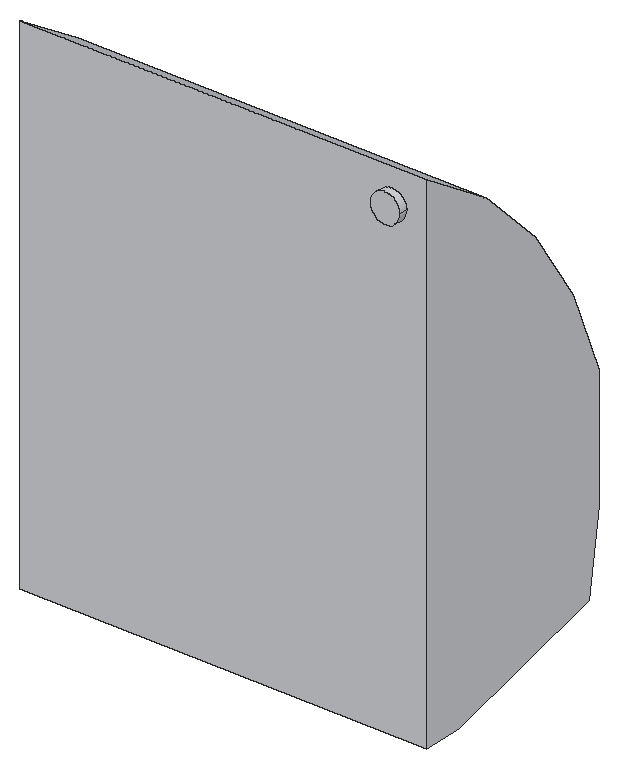
Revit family "DAN DRYER Stainless Design Mini Design 280 -AE - MEP", category Furniture Systems, host Wall, Revit 2018
Family settings
  Host = Wall
  Round Connector Dimension = Use Diameter
  Part Type = Normal
  Always vertical = Yes
  Cut with Voids When Loaded = No
  Shared = No
  Room Calculation Point = No
Parameters (values of type "Stål")
  Wicth = 304 mm
  URL = "http://www.dandryer.com/Files/Billeder/PDF/Datablade/Nye/Technical%20data%20sheet%20280.pdf"
  Type Image = <None>
  Offset from Floor = 1500 mm
  Model = "Stainless design"
  Manufacturer = "http://www.dandryer.com/"
  Height = 380 mm
  Description = "WARM-AIR HAND DRYER with IR sensor, type AE DESIGN, Art. no. 280-AE"
  Cost = 0
Reference planes
  plane 1 "Wall": y = 0
  plane 2 "Center (Left/Right)": x = 125
  plane 3 "Back": y = 75
  plane 4 "Top": z = 1500
  plane 5 "Bund": z = 1120
  plane 6: x = 277
  plane 7: x = -27
Forms (mm)
  Extrusion 1, solid
    sketch origin (125, 0, 0) x (0, 1, 0) y (0, 0, 1)
      loop
        line (75, 1120) -> (105, 1120) -> (225.741, 1152.352) -> (235.127, 1211.614) -> (235.127, 1303.03)
        arc (235.127, 1303.03) -> (175.515, 1418.141) -> (75, 1500) r 318.784
        line (75, 1500) -> (75, 1120)
    from -152 to 152
  Extrusion 2, void
    sketch origin (118.75, 105, 1120) x (0, -0.965926, -0.258819) y (1, 0, 0)
      loop
        line (-17.596, -81.466) -> (-31.155, -81.466)
        arc (-31.155, -81.466) -> (-34.972, -85.283) -> (-31.155, -89.1) r 3.817
        line (-31.155, -89.1) -> (-17.596, -89.1)
        arc (-17.596, -89.1) -> (-13.779, -85.283) -> (-17.596, -81.466) r 3.817
      loop
        circle (-69.93, 113.393) r 25
      loop
        line (-17.596, -60.092) -> (-31.155, -60.092)
        arc (-31.155, -60.092) -> (-34.972, -63.909) -> (-31.155, -67.726) r 3.817
        line (-31.155, -67.726) -> (-17.596, -67.726)
        arc (-17.596, -67.726) -> (-13.779, -63.909) -> (-17.596, -60.092) r 3.817
      loop
        line (-17.596, -38.718) -> (-31.155, -38.718)
        arc (-31.155, -38.718) -> (-34.972, -42.535) -> (-31.155, -46.352) r 3.817
        line (-31.155, -46.352) -> (-17.596, -46.352)
        arc (-17.596, -46.352) -> (-13.779, -42.535) -> (-17.596, -38.718) r 3.817
      loop
        line (-17.596, -17.344) -> (-31.155, -17.344)
        arc (-31.155, -17.344) -> (-34.972, -21.161) -> (-31.155, -24.978) r 3.817
        line (-31.155, -24.978) -> (-17.596, -24.978)
        arc (-17.596, -24.978) -> (-13.779, -21.161) -> (-17.596, -17.344) r 3.817
      loop
        line (-17.596, 4.03) -> (-31.155, 4.03)
        arc (-31.155, 4.03) -> (-34.972, 0.213) -> (-31.155, -3.604) r 3.817
        line (-31.155, -3.604) -> (-17.596, -3.604)
        arc (-17.596, -3.604) -> (-13.779, 0.213) -> (-17.596, 4.03) r 3.817
      loop
        line (-17.596, 25.404) -> (-31.155, 25.404)
        arc (-31.155, 25.404) -> (-34.972, 21.587) -> (-31.155, 17.77) r 3.817
        line (-31.155, 17.77) -> (-17.596, 17.77)
        arc (-17.596, 17.77) -> (-13.779, 21.587) -> (-17.596, 25.404) r 3.817
      loop
        line (-17.596, 46.778) -> (-31.155, 46.778)
        arc (-31.155, 46.778) -> (-34.972, 42.961) -> (-31.155, 39.144) r 3.817
        line (-31.155, 39.144) -> (-17.596, 39.144)
        arc (-17.596, 39.144) -> (-13.779, 42.961) -> (-17.596, 46.778) r 3.817
      loop
        line (-17.596, 68.152) -> (-31.155, 68.152)
        arc (-31.155, 68.152) -> (-34.972, 64.335) -> (-31.155, 60.518) r 3.817
        line (-31.155, 60.518) -> (-17.596, 60.518)
        arc (-17.596, 60.518) -> (-13.779, 64.335) -> (-17.596, 68.152) r 3.817
      loop
        line (-17.596, 89.526) -> (-31.155, 89.526)
        arc (-31.155, 89.526) -> (-34.972, 85.709) -> (-31.155, 81.892) r 3.817
        line (-31.155, 81.892) -> (-17.596, 81.892)
        arc (-17.596, 81.892) -> (-13.779, 85.709) -> (-17.596, 89.526) r 3.817
      loop
        line (-17.596, 110.9) -> (-31.155, 110.9)
        arc (-31.155, 110.9) -> (-34.972, 107.083) -> (-31.155, 103.267) r 3.817
        line (-31.155, 103.267) -> (-17.596, 103.267)
        arc (-17.596, 103.267) -> (-13.779, 107.083) -> (-17.596, 110.9) r 3.817
      loop
        circle (-76.191, 59.272) r 15.514
    from 0 to 5
  Extrusion 3, solid
    sketch origin (125, 105, 1120) x (0, 0.965926, 0.258819) y (1, 0, 0)
      loop
        line (44.918, 107.164) -> (94.87, 107.164)
        arc (94.87, 107.164) -> (94.805, 108.968) -> (94.609, 110.763) r 24.976
        line (94.609, 110.763) -> (45.179, 110.763)
        arc (45.179, 110.763) -> (44.983, 108.968) -> (44.918, 107.164) r 24.976
      loop
        line (49.9, 122.132) -> (89.888, 122.132)
        arc (89.888, 122.132) -> (88.315, 124.03) -> (86.563, 125.763) r 24.976
        line (86.563, 125.763) -> (53.225, 125.763)
        arc (53.225, 125.763) -> (51.473, 124.03) -> (49.9, 122.132) r 24.976
      loop
        line (90.843, 120.763) -> (48.945, 120.763)
        arc (48.945, 120.763) -> (47.904, 119.006) -> (47.01, 117.17) r 24.976
        line (47.01, 117.17) -> (92.778, 117.17)
        arc (92.778, 117.17) -> (91.884, 119.006) -> (90.843, 120.763) r 24.976
      loop
        line (45.422, 112.158) -> (94.366, 112.158)
        arc (94.366, 112.158) -> (93.922, 113.98) -> (93.343, 115.763) r 24.976
        line (93.343, 115.763) -> (46.445, 115.763)
        arc (46.445, 115.763) -> (45.866, 113.98) -> (45.422, 112.158) r 24.976
      loop
        line (54.805, 127.067) -> (84.982, 127.067)
        arc (84.982, 127.067) -> (69.894, 132.14) -> (54.805, 127.067) r 24.976
      loop
        arc (51.043, 90.763) -> (53.004, 88.743) -> (55.18, 86.957) r 25
        line (55.18, 86.957) -> (84.679, 86.957)
        arc (84.679, 86.957) -> (86.855, 88.743) -> (88.817, 90.763) r 25
        line (88.817, 90.763) -> (51.043, 90.763)
      loop
        arc (89.826, 92.005) -> (91.092, 93.831) -> (92.19, 95.763) r 25
        line (92.19, 95.763) -> (47.67, 95.763)
        arc (47.67, 95.763) -> (48.768, 93.831) -> (50.034, 92.005) r 25
        line (50.034, 92.005) -> (89.826, 92.005)
      loop
        arc (45.742, 100.823) -> (46.321, 98.92) -> (47.05, 97.068) r 25
        line (47.05, 97.068) -> (92.81, 97.068)
        arc (92.81, 97.068) -> (93.539, 98.92) -> (94.118, 100.823) r 25
        line (94.118, 100.823) -> (45.742, 100.823)
      loop
        arc (94.424, 102.14) -> (94.725, 103.946) -> (94.892, 105.769) r 25
        line (94.892, 105.769) -> (44.968, 105.769)
        arc (44.968, 105.769) -> (45.135, 103.946) -> (45.436, 102.14) r 25
        line (45.436, 102.14) -> (94.424, 102.14)
      loop
        arc (56.971, 85.763) -> (69.93, 82.143) -> (82.888, 85.763) r 25
        line (82.888, 85.763) -> (56.971, 85.763)
      loop
        circle (69.894, 107.404) r 26.725
    from 0 to 4.902
  Extrusion 4, solid
    sketch origin (0, 0, 0) x (1, 0, 0) y (0, 0, 1)
      loop
        circle (250.611, 1474.53) r 11
    from -81.395 to -68.947
Cuts and joins
  Extrusion 2 cuts Extrusion 1
  joined: Extrusion 1, Extrusion 4
Text (mm)
  text "Placement Side" at (-1848.837, 1116.779, 0), in view "Ref. Level"
  text "Placement side" at (0, 1409.804, 2854.306), in view "Left"
  text "Placement side" at (0, 499.811, 2980.732), in view "Right"
Dimensions and locks
  locked: plane 3 "Back" to host wall
  "Height": plane 5 "Bund" to plane 4 "Top"
  equal spacing: plane 7, plane 2 "Center (Left/Right)", plane 6
  "Wicth": plane 7 to plane 6
  "Offset from Floor": level to plane 4 "Top"
  aligned and locked: plane 1 "Wall" to host wall
  aligned and locked: Extrusion 1 sketch curve to host wall
  aligned and locked: plane 7 to Extrusion 1
  aligned and locked: Extrusion 1 to plane 6
Automatic sketch dimensions
  Extrusion 1 to Extrusion 2 sketch curve = 48.809 mm
  Extrusion 2 sketch curve to Extrusion 2 sketch curve = 6.261 mm
  Extrusion 1 to Extrusion 2 sketch curve = 31.155 mm  (x2)
  Extrusion 2 sketch curve to Extrusion 2 sketch curve = 0 mm  (x8)
  Extrusion 2 sketch curve to Extrusion 2 sketch curve = 13.559 mm  (x10)
  Extrusion 2 sketch curve to Extrusion 1 = 56.65 mm
  Extrusion 2 sketch curve to Extrusion 2 sketch curve = 3.817 mm  (x10)
  Extrusion 2 sketch curve to Extrusion 2 sketch curve = 13.74 mm  (x9)
  Extrusion 2 sketch curve to Extrusion 2 sketch curve = 12.494 mm
  Extrusion 2 sketch curve to Extrusion 2 sketch curve = 2.492 mm
  Extrusion 3 sketch curve to Extrusion 3 sketch curve = 0 mm  (x32)
  Extrusion 3 sketch curve to Extrusion 1 = 44.918 mm
  Extrusion 3 sketch curve to Extrusion 3 sketch curve = 0.05 mm
  Extrusion 3 sketch curve to Extrusion 3 sketch curve = 0.261 mm  (x2)
  Extrusion 3 sketch curve to Extrusion 3 sketch curve = 0.244 mm  (x2)
  Extrusion 3 sketch curve to Extrusion 3 sketch curve = 0.468 mm
  Extrusion 3 sketch curve to Extrusion 3 sketch curve = 0.306 mm  (x2)
  Extrusion 3 sketch curve to Extrusion 3 sketch curve = 1.023 mm
  Extrusion 3 sketch curve to Extrusion 3 sketch curve = 0.565 mm  (x2)
  Extrusion 3 sketch curve to Extrusion 3 sketch curve = 1.308 mm
  Extrusion 3 sketch curve to Extrusion 3 sketch curve = 0.62 mm  (x2)
  Extrusion 3 sketch curve to Extrusion 3 sketch curve = 1.935 mm
  Extrusion 3 sketch curve to Extrusion 3 sketch curve = 0.955 mm  (x2)
  Extrusion 3 sketch curve to Extrusion 3 sketch curve = 2.364 mm
  Extrusion 3 sketch curve to Extrusion 3 sketch curve = 1.009 mm  (x2)
  Extrusion 3 sketch curve to Extrusion 3 sketch curve = 3.324 mm
  Extrusion 3 sketch curve to Extrusion 3 sketch curve = 1.581 mm  (x2)
  Extrusion 3 sketch curve to Extrusion 3 sketch curve = 4.137 mm
  Extrusion 3 sketch curve to Extrusion 3 sketch curve = 1.791 mm  (x2)
  Extrusion 3 sketch curve to Extrusion 3 sketch curve = 24.926 mm
  Extrusion 3 sketch curve to Extrusion 3 sketch curve = 0.036 mm
  Extrusion 1 to Extrusion 3 sketch curve = 66.237 mm
  Extrusion 3 sketch curve to Extrusion 3 sketch curve = 1.194 mm
  Extrusion 3 sketch curve to Extrusion 3 sketch curve = 3.806 mm
  Extrusion 3 sketch curve to Extrusion 3 sketch curve = 1.242 mm
  Extrusion 3 sketch curve to Extrusion 3 sketch curve = 1.305 mm
  Extrusion 3 sketch curve to Extrusion 3 sketch curve = 1.317 mm
  Extrusion 3 sketch curve to Extrusion 3 sketch curve = 0.021 mm
  Extrusion 3 sketch curve to Extrusion 3 sketch curve = 1.395 mm
  Extrusion 3 sketch curve to Extrusion 3 sketch curve = 1.407 mm
  Extrusion 3 sketch curve to Extrusion 3 sketch curve = 1.369 mm
  Extrusion 3 sketch curve to Extrusion 3 sketch curve = 1.304 mm
  Extrusion 1 sketch curve to plane 5 "Bund" = 0 mm
  Extrusion 1 sketch curve to plane 4 "Top" = 0 mm
  Extrusion 1 sketch curve to host wall = 3.156 mm
  Extrusion 1 sketch curve to Extrusion 1 sketch curve = 30 mm
  plane 5 "Bund" to Extrusion 1 sketch curve = 32.352 mm
  Extrusion 1 sketch curve to Extrusion 1 sketch curve = 120.741 mm
  Extrusion 1 sketch curve to Extrusion 1 sketch curve = 9.386 mm
  Extrusion 1 sketch curve to Extrusion 1 sketch curve = 59.261 mm
  plane 5 "Bund" to Extrusion 1 sketch curve = 97.051 mm
  plane 6 to Extrusion 4 sketch curve = 26.389 mm
  Extrusion 4 sketch curve to plane 4 "Top" = 25.47 mm
  radius of Extrusion 2 sketch curve = 25 mm
  radius of Extrusion 2 sketch curve = 15.514 mm
  radius of Extrusion 3 sketch curve = 26.725 mm
  radius of Extrusion 4 sketch curve = 11 mm
Connectors
  electrical at (250.611, 68.947, 1474.53)
    settings: on cut or joined group of Extrusion 1, Extrusion 2, Extrusion 4, index 1, voltage 230 V, apparent load 0 VA, apparent load phase1 0 VA, apparent load phase2 0 VA, apparent load phase3 0 VA, power factor 1, load classification "Motor", number of poles 1, system type 30, power factor state 0, is connector primary yes, connector utility no, sub classification motor no, connector description "WARM-AIR HAND DRYER with IR sensor, type AE DESIGN, Art. no. 280-AE"
